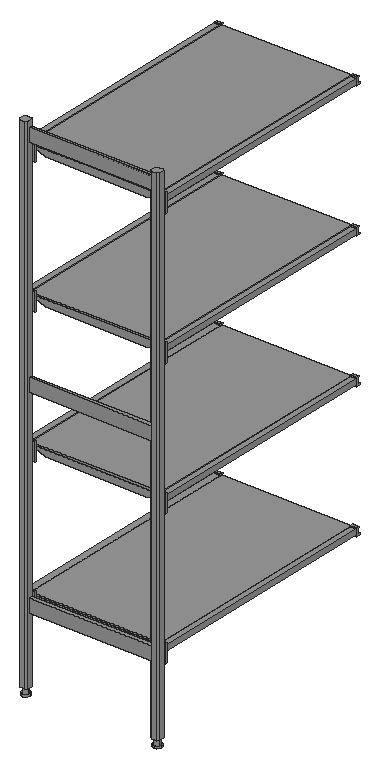
Revit family "QF_ELECTROLUXPROFESSIONAL_137071_CLS830", category Attrezzature speciali, Revit 2020
Family settings
  Quota connettore circolare = Usa diametro
  Tipo di parte = Normale
  Basato su piano di lavoro = No
  Sempre verticale = Sì
  Taglio con vuoti quando caricato = No
  Condiviso = No
  Punto di calcolo locali = No
Parameters (values of type "Standard")
  Weight = 16.00 kg
  Watts = 0 W
  Volts = 0 V
  URL Manufacturer = "https://www.electroluxprofessional.com/"
  URL = "https://www.electroluxprofessional.com/"
  Steam Supply Size = 0 mm
  Steam Supply Minimum Pressure = 0.0 Pa
  Steam Supply Maximum Pressure = 0.0 Pa
  Steam Consumption per Hour = 0
  Refrigeration Suction Line Size = 0.0 mm
  Refrigeration Liquid Line Size = 0.0 mm
  Refrigerant Compressor Remote = yes
  Prospetto di default = 0.0 mm
  Phase = 0
  Modello = "CLS830"
  Produttore = "Electrolux Professional"
  Length Actual = 834.0 mm  # constant formula
  Item Number = "137071"
  Hot Water Size = 0 mm
  Height Actual = 1700.0 mm  # constant formula
  HP = "0 HP"
  Gas Size = 0 mm
  Gas KW = 0
  Gas Input Pressure = 0 W
  Direct Waste Size = 0 mm
  Descrizione = "ALUM.CORNER SHELV.-POLY.TIERS-475X834MM"
  Depth Actual = 475.0 mm  # constant formula
  Cycle = 0 Hz
  Condensate Return Size = 0 mm
  Compressed Air Volume = 0.0 L/s
  Compressed Air Size = 0 mm
  Compressed Air Pressure = 0.0 Pa
  Cold Water Size = 0 mm
  Accessory = yes
Reference planes
  plane 1: z = 0
  plane 2 "Center (F/B)": y = -163.5
  plane 3 "Front": y = -549.5
  plane 4 "Left": x = -217.5
  plane 5 "Right": x = 257.5
  plane 6 "TOP": z = 1700
  plane 7: y = -517.5
  plane 8: y = 280.5
  plane 9 "Center (Left/Right)": x = 20
  plane 10: y = 275.5
  plane 11: x = -186
  plane 12: x = 226
  plane 13 "FEET": z = 25
  plane 14: z = 275
  plane 15: z = 725
  plane 16: z = 1175
  plane 17: z = 1625
  plane 18 "CXLeft": y = -535.5
  plane 19: x = -200
  plane 20 "CYBack": x = -200
  plane 21 "CYFront": x = 138
  plane 22 "Back": y = 284.5
  plane 23 "LEFT_ORIGIN": x = -251.5
  plane 24 "BACK_Origin": y = 759.5
Forms (mm)
  Extrusion 1, solid, material "QF_Aluminum"
    sketch origin (0, -549.5, 0) x (-1, 0, 0) y (0, 0, 1)
      loop
        line (198.5, 1650.994) -> (198.5, 1632.998) -> (217.5, 1632.998) -> (217.5, 1650.994) -> (198.5, 1650.994)
      loop
        line (-238.5, 1650.994) -> (-257.5, 1650.994) -> (-257.5, 1632.998) -> (-238.5, 1632.998) -> (-238.5, 1650.994)
      loop
        line (198.5, 1200.994) -> (198.5, 1182.998) -> (217.5, 1182.998) -> (217.5, 1200.994) -> (198.5, 1200.994)
      loop
        line (-238.522, 1200.994) -> (-257.5, 1200.994) -> (-257.5, 1182.998) -> (-238.522, 1182.998) -> (-238.522, 1200.994)
      loop
        line (198.5, 750.994) -> (198.5, 732.998) -> (217.5, 732.998) -> (217.5, 750.994) -> (198.5, 750.994)
      loop
        line (-238.522, 750.994) -> (-257.5, 750.994) -> (-257.5, 732.998) -> (-238.522, 732.998) -> (-238.522, 750.994)
      loop
        line (198.5, 300.994) -> (198.5, 282.998) -> (217.5, 282.998) -> (217.5, 300.994) -> (198.5, 300.994)
      loop
        line (-238.522, 300.994) -> (-257.5, 300.994) -> (-257.5, 282.998) -> (-238.522, 282.998) -> (-238.522, 300.994)
    from 32 to 830
  Extrusion 2, solid, material "QF_Polyethylene"
    sketch origin (0, -549.5, 0) x (-1, 0, 0) y (0, 0, 1)
      loop
        line (196.507, 1650.994) -> (-236.522, 1650.994) -> (-236.522, 1644.496) -> (196.507, 1644.496) -> (196.507, 1650.994)
      loop
        line (196.507, 1200.994) -> (-236.522, 1200.994) -> (-236.522, 1194.496) -> (196.507, 1194.496) -> (196.507, 1200.994)
      loop
        line (196.507, 750.994) -> (-236.522, 750.994) -> (-236.522, 744.496) -> (196.507, 744.496) -> (196.507, 750.994)
      loop
        line (196.507, 300.994) -> (-236.522, 300.994) -> (-236.522, 294.496) -> (196.507, 294.496) -> (196.507, 300.994)
    from 32 to 830
Lines and regions (mm)
  symbolic lines
    curve 1: line (-198.5, 280.5, 1700) -> (-198.5, -517.5, 1700)
    curve 2: line (-217.5, -521.5, 1700) -> (-217.5, 280.5, 1700)
    curve 3: line (257.5, -521.5, 1700) -> (257.5, 280.5, 1700)
    curve 4: line (-181.507, -517.5, 1700) -> (221.507, -517.5, 1700)
    curve 5: line (238.522, -517.5, 1700) -> (238.522, 280.5, 1700)
    curve 6: line (-198.5, 280.5, 1700) -> (238.522, 280.5, 1700)
Dimensions and locks
  plane 3 "Front" to plane 2 "Center (F/B)" = 386.0 mm
  locked: plane 6 "TOP" to level at 1700
  locked: plane 4 "Left" to plane 5 "Right" at 475
  locked: plane 7 to plane 8 at 798
  locked: plane 3 "Front" to plane 7 at 32
  plane 10 to plane 8 = 5.0 mm
  locked: plane 11 to plane 12 at 412
  equal spacing: plane 11, plane 9 "Center (Left/Right)", plane 12
  equal spacing: plane 4 "Left", plane 9 "Center (Left/Right)", plane 5 "Right"
  plane 13 "FEET" to level = 25.0 mm
  plane 6 "TOP" to plane 13 "FEET" = 1675.0 mm
  plane 14 to plane 13 "FEET" = 250.0 mm
  plane 15 to plane 14 = 450.0 mm
  plane 16 to plane 15 = 450.0 mm
  plane 17 to plane 16 = 450.0 mm
  locked: plane 3 "Front" to plane 18 "CXLeft" at 14
  locked: plane 3 "Front" to plane 22 "Back" at 834
  plane 23 "LEFT_ORIGIN" to plane 5 "Right" = 509.0 mm
  locked: plane 22 "Back" to plane 24 "BACK_Origin" at 475
  aligned and locked: level to plane 1
  aligned and locked: Extrusion 2 to plane 7
  aligned and locked: plane 8 to Extrusion 2
  aligned and locked: Extrusion 1 to plane 7
  aligned and locked: plane 8 to Extrusion 1
  aligned and locked: Extrusion 1 sketch curve to Extrusion 1 sketch curve  (x2)
  aligned and locked: plane 18 "CXLeft" to nested 1
  aligned and locked: nested 2 to plane 10
Automatic sketch dimensions
  curve 2 to plane 4 "Left" = 0.0 mm
  curve 3 to plane 5 "Right" = 0.0 mm
  plane 7 to curve 1 = 0.0 mm
  plane 7 to curve 4 = 0.0 mm
  plane 7 to curve 5 = 0.0 mm
  plane 8 to curve 2 = 0.0 mm
  plane 8 to curve 1 = 0.0 mm
  plane 8 to curve 3 = 0.0 mm
  curve 5 to plane 21 "CYFront" = 100.522 mm
  plane 19 to curve 6 = 1.5 mm
  plane 7 to curve 3 = 4.0 mm
  plane 7 to curve 2 = 4.0 mm
  plane 12 to curve 4 = 4.493 mm
  curve 4 to plane 11 = 4.493 mm
  plane 5 "Right" to Extrusion 1 sketch curve = 0.0 mm  (x4)
  plane 4 "Left" to Extrusion 1 sketch curve = 0.0 mm  (x4)
  Extrusion 1 sketch curve to plane 21 "CYFront" = 100.522 mm
  Extrusion 1 sketch curve to plane 21 "CYFront" = 100.5 mm
  plane 19 to Extrusion 1 sketch curve = 1.5 mm  (x4)
  plane 14 to Extrusion 1 sketch curve = 7.998 mm  (x2)
  Extrusion 1 sketch curve to Extrusion 1 sketch curve = 17.997 mm  (x8)
  plane 15 to Extrusion 1 sketch curve = 7.998 mm  (x2)
  plane 16 to Extrusion 1 sketch curve = 7.998 mm  (x2)
  plane 17 to Extrusion 1 sketch curve = 7.998 mm  (x2)
  Extrusion 2 sketch curve to plane 21 "CYFront" = 98.522 mm  (x4)
  plane 19 to Extrusion 2 sketch curve = 3.493 mm  (x4)
  plane 14 to Extrusion 2 sketch curve = 19.496 mm
  Extrusion 2 sketch curve to Extrusion 2 sketch curve = 6.499 mm  (x4)
  plane 15 to Extrusion 2 sketch curve = 19.496 mm
  plane 16 to Extrusion 2 sketch curve = 19.496 mm
  plane 17 to Extrusion 2 sketch curve = 19.496 mm
Nested families
  nested 1: "WT_Anta475" at (-194.5, -132.5, 0) x (0, 1, 0) z (0, 0, 1), type "WT_Anta475"
  nested 2: "WT_Aggancio475" at (-194.5, 692.5, 0) x (0, 1, 0) z (0, 0, 1), type "WT_Aggancio475"
Definition of nested family "WT_Anta475"
  Parameters
    WidthLeft = A + 64.0 mm  # 772.0 mm
    Width = 1606.0 mm
    Right = WidthLeft / 2  # 386.0 mm
    Default Elevation = 0.0 mm
    Left = -WidthLeft / 2  # -386.0 mm
    Height = 1725.0 mm
    FEET = 25.0 mm
    E = 0.0 mm
    Dint = Depth - 63.0 mm  # 412.0 mm
    Dext = Depth - 8.0 mm  # 467.0 mm
    Depth = 475.0 mm
    DX = (WidthLeft - A) / 2  # 32.0 mm
    B = 798.0 mm
    A = 708.0 mm
  Reference planes
    plane 1: z = 0
    plane 2 "LEFT": x = -417
    plane 3 "BACK": y = 23
    plane 4 "FRONT": y = -452
    plane 5 "TOP": z = 1725
    plane 6 "Center (Front/Back)": y = -214.5
    plane 7: y = -8.5
    plane 8: y = -420.5
    plane 9 "FEET": z = 25
    plane 10: z = 275
    plane 11: z = 725
    plane 12: z = 1175
    plane 13: z = 1625
    plane 14 "CXLeft": x = -403
    plane 15: y = 5.5
    plane 16 "CYBack": y = 5.5
    plane 17 "CYFront": y = -434.5
    plane 18: x = -385.031
    plane 19: x = -380.031
  Forms (mm)
    Extrusion 1, solid
      sketch origin (0, 0, 0) x (1, 0, 0) y (0, 1, 0)
        loop
          line (-417, 13.246) -> (-417, -2.246) -> (-410.746, -8.5) -> (-395.254, -8.5) -> (-389, -2.246) -> (-389, 13.246) -> (-395.254, 19.5) -> (-410.746, 19.5) -> (-417, 13.246)
      from 1725 to 25
    Extrusion 2, solid
      sketch origin (-417, 0, 0) x (0, 1, 0) y (0, 0, 1)
        loop
          line (23, 246.005) -> (23, 307.993) -> (-12.993, 307.993) -> (-12.993, 246.005) -> (23, 246.005)
        loop
          line (-452, 246.005) -> (-416.007, 246.005) -> (-416.007, 307.993) -> (-452, 307.993) -> (-452, 246.005)
        loop
          line (23, 696.005) -> (23, 757.993) -> (-12.993, 757.993) -> (-12.993, 696.005) -> (23, 696.005)
        loop
          line (-452, 696.005) -> (-416.007, 696.005) -> (-416.007, 757.993) -> (-452, 757.993) -> (-452, 696.005)
        loop
          line (23, 1146.005) -> (23, 1207.993) -> (-12.993, 1207.993) -> (-12.993, 1146.005) -> (23, 1146.005)
        loop
          line (-452, 1146.005) -> (-416.007, 1146.005) -> (-416.007, 1207.993) -> (-452, 1207.993) -> (-452, 1146.005)
        loop
          line (23, 1596.005) -> (23, 1657.993) -> (-12.993, 1657.993) -> (-12.993, 1596.005) -> (23, 1596.005)
        loop
          line (-452, 1596.005) -> (-416.007, 1596.005) -> (-416.007, 1657.993) -> (-452, 1657.993) -> (-452, 1596.005)
      from 28 to 32
    Revolve 3, solid
      sketch origin (-403, 0, 0) x (0, 1, 0) y (0, 0, 1)
        loop
          line (5.5, 25) -> (5.5, 0) -> (19, 0) -> (19, 5) -> (14, 5) -> (14, 25) -> (5.5, 25)
        axis (5.5, 25) -> (5.5, 0)
      angle from 0 to 360
    Extrusion 4, solid
      sketch origin (-403, 0, 0) x (0, 1, 0) y (0, 0, 1)
        loop
          line (-8.5, 912.382) -> (-8.5, 957.374) -> (-420.5, 957.374) -> (-420.5, 912.382) -> (-8.5, 912.382)
        loop
          line (-8.5, 1662.244) -> (-8.5, 1707.236) -> (-420.5, 1707.236) -> (-420.5, 1662.244) -> (-8.5, 1662.244)
      from -5 to 5
    Revolve 5, solid
      sketch origin (-403, -627, 0) x (0, -1, 0) y (0, 0, 1)
        loop
          line (-192.5, 25) -> (-192.5, 0) -> (-179, 0) -> (-179, 5) -> (-184, 5) -> (-184, 25) -> (-192.5, 25)
        axis (-192.5, 25) -> (-192.5, 0)
      angle from 0 to 360
    Extrusion 6, solid
      sketch origin (0, -627, 0) x (1, 0, 0) y (0, 1, 0)
        loop
          line (-417, 184.754) -> (-410.746, 178.5) -> (-395.254, 178.5) -> (-389, 184.754) -> (-389, 200.246) -> (-395.254, 206.5) -> (-410.746, 206.5) -> (-417, 200.246) -> (-417, 184.754)
      from 1725 to 25
    Extrusion 7, solid
      sketch origin (-417.031, -0.022, 0) x (0, 1, 0) y (0, 0, -1)
        loop
          line (-12, -1632.998) -> (-46, -1620.994) -> (-383, -1620.994) -> (-417, -1632.998) -> (-433, -1632.998) -> (-433, -1650.994) -> (-431, -1650.994) -> (-431, -1644.496) -> (2.007, -1644.496) -> (2.007, -1650.994) -> (4, -1650.994) -> (4, -1632.998) -> (-12, -1632.998)
        loop
          line (-12, -1182.998) -> (-46, -1170.994) -> (-383, -1170.994) -> (-417, -1182.998) -> (-433, -1182.998) -> (-433, -1200.994) -> (-431, -1200.994) -> (-431, -1194.496) -> (2.007, -1194.496) -> (2.007, -1200.994) -> (4, -1200.994) -> (4, -1182.998) -> (-12, -1182.998)
        loop
          line (-12, -732.998) -> (-46, -720.994) -> (-383, -720.994) -> (-417, -732.998) -> (-433, -732.998) -> (-433, -750.994) -> (-431, -750.994) -> (-431, -744.496) -> (2.007, -744.496) -> (2.007, -750.994) -> (4, -750.994) -> (4, -732.998) -> (-12, -732.998)
        loop
          line (-12, -282.998) -> (-46, -270.994) -> (-383, -270.994) -> (-417, -282.998) -> (-433, -282.998) -> (-433, -300.994) -> (-431, -300.994) -> (-431, -294.496) -> (2.007, -294.496) -> (2.007, -300.994) -> (4, -300.994) -> (4, -282.998) -> (-12, -282.998)
      from -32 to -37
    Extrusion 8, solid
      sketch origin (-403, 0, -659.878) x (0, 1, 0) y (0, 0, 1)
        loop
          line (-8.5, 912.382) -> (-8.5, 957.374) -> (-420.5, 957.374) -> (-420.5, 912.382) -> (-8.5, 912.382)
        loop
          line (-8.5, 1572.382) -> (-8.5, 1617.374) -> (-420.5, 1617.374) -> (-420.5, 1572.382) -> (-8.5, 1572.382)
        loop
          line (-8.5, 2322.382) -> (-8.5, 2367.374) -> (-420.5, 2367.374) -> (-420.5, 2322.382) -> (-8.5, 2322.382)
      from -5 to 5
  Lines and regions (mm)
    symbolic lines
      curve 1: line (-408, -8.5, 1725) -> (-408, -420.5, 1725)
      curve 2: line (-398, -420.5, 1725) -> (-398, -8.5, 1725)
      curve 3: line (-395.254, -8.5, 1725) -> (-410.746, -8.5, 1725)
      curve 4: line (-417, -2.246, 1725) -> (-410.746, -8.5, 1725)
      curve 5: line (-417, 13.246, 1725) -> (-417, -2.246, 1725)
      curve 6: line (-410.746, 19.5, 1725) -> (-417, 13.246, 1725)
      curve 7: line (-395.254, 19.5, 1725) -> (-410.746, 19.5, 1725)
      curve 8: line (-389, 13.246, 1725) -> (-395.254, 19.5, 1725)
      curve 9: line (-395.254, -8.5, 1725) -> (-389, -2.246, 1725)
      curve 10: line (-395.254, -420.5, 1725) -> (-410.746, -420.5, 1725)
      curve 11: line (-417, -426.754, 1725) -> (-410.746, -420.5, 1725)
      curve 12: line (-410.746, -448.5, 1725) -> (-417, -442.246, 1725)
      curve 13: line (-395.254, -448.5, 1725) -> (-410.746, -448.5, 1725)
      curve 14: line (-389, -442.246, 1725) -> (-395.254, -448.5, 1725)
      curve 15: line (-395.254, -420.5, 1725) -> (-389, -426.754, 1725)
      curve 16: line (-389, -452, 1725) -> (-389, -416.007, 1725)
      curve 17: line (-389, -416.007, 1725) -> (-385, -416.007, 1725)
      curve 18: line (-389, 23, 1725) -> (-389, -12.993, 1725)
      curve 19: line (-389, -12.993, 1725) -> (-385, -12.993, 1725)
      curve 20: line (-417, -426.754, 1725) -> (-417, -442.246, 1725)
      curve 21: line (-385, -452, 1725) -> (-385, -416.007, 1725)
      curve 22: line (-385, -452, 1725) -> (-389, -452, 1725)
      curve 23: line (-385, 23, 1725) -> (-389, 23, 1725)
      curve 24: line (-385, -12.993, 1725) -> (-385, 23, 1725)
      curve 25: line (-385.031, -13.016, 1725) -> (-385.031, -416.029, 1725)
  Dimensions and locks
    "Height": plane 5 "TOP" to level
    "Depth": plane 3 "BACK" to plane 4 "FRONT"
    "Dint": plane 7 to plane 8
    equal spacing: plane 7, plane 6 "Center (Front/Back)", plane 8
    equal spacing: plane 3 "BACK", plane 6 "Center (Front/Back)", plane 4 "FRONT"
    plane 9 "FEET" to level = 25.0 mm
    plane 5 "TOP" to plane 9 "FEET" = 1700.0 mm
    plane 10 to plane 9 "FEET" = 250.0 mm
    plane 11 to plane 10 = 450.0 mm
    plane 12 to plane 11 = 450.0 mm
    plane 13 to plane 12 = 450.0 mm
    locked: plane 2 "LEFT" to plane 14 "CXLeft" at 14
    locked: plane 3 "BACK" to plane 16 "CYBack" at 17.5
    locked: plane 17 "CYFront" to plane 4 "FRONT" at 17.5
    locked: Revolve 3 sketch curve to Revolve 3 sketch curve at 8.5
    locked: Revolve 3 sketch curve to plane 16 "CYBack" at 13.5
    locked: Revolve 5 sketch curve to Revolve 5 sketch curve at 8.5
    aligned and locked: level to plane 1
    aligned and locked: curve 20 to Extrusion 6
    aligned and locked: plane 5 "TOP" to Extrusion 1
    aligned and locked: plane 5 "TOP" to Extrusion 6
    aligned and locked: Extrusion 7 sketch curve to Extrusion 7 sketch curve  (x3)
  Automatic sketch dimensions
    curve 16 to plane 4 "FRONT" = 0.0 mm
    curve 11 to plane 8 = 0.0 mm
    curve 9 to plane 7 = 0.0 mm
    curve 5 to plane 2 "LEFT" = 0.0 mm
    curve 23 to plane 3 "BACK" = 0.0 mm
    plane 4 "FRONT" to curve 13 = 3.5 mm
    curve 20 to plane 17 "CYFront" = 7.746 mm
    curve 20 to plane 8 = 6.254 mm
    plane 8 to curve 16 = 4.493 mm
    curve 24 to plane 18 = 0.031 mm
    curve 24 to plane 7 = 4.493 mm
    plane 7 to curve 5 = 6.254 mm
    curve 5 to plane 15 = 7.746 mm
    curve 6 to plane 3 "BACK" = 3.5 mm
    curve 21 to plane 18 = 0.031 mm
    plane 18 to curve 23 = 3.969 mm
    plane 18 to curve 16 = 3.969 mm
    curve 18 to curve 8 = 6.254 mm
    curve 18 to curve 3 = 6.254 mm
    curve 16 to curve 13 = 6.254 mm
    curve 16 to curve 15 = 6.254 mm
    plane 2 "LEFT" to curve 10 = 6.254 mm
    plane 2 "LEFT" to curve 7 = 6.254 mm
    plane 2 "LEFT" to curve 12 = 6.254 mm
    plane 2 "LEFT" to curve 3 = 6.254 mm
    curve 14 to plane 17 "CYFront" = 7.746 mm
    curve 15 to plane 8 = 6.254 mm
    plane 7 to curve 9 = 6.254 mm
    curve 8 to plane 15 = 7.746 mm
    curve 3 to curve 2 = 2.746 mm
    curve 1 to curve 10 = 2.746 mm
    Extrusion 1 sketch curve to plane 2 "LEFT" = 0.0 mm
    Extrusion 1 sketch curve to plane 7 = 0.0 mm
    plane 2 "LEFT" to Extrusion 1 sketch curve = 6.254 mm  (x2)
    plane 14 "CXLeft" to Extrusion 1 sketch curve = 7.746 mm  (x2)
    Extrusion 1 sketch curve to plane 3 "BACK" = 3.5 mm
    plane 18 to Extrusion 1 sketch curve = 3.969 mm
    plane 7 to Extrusion 1 sketch curve = 6.254 mm  (x2)
    Extrusion 1 sketch curve to plane 15 = 7.746 mm  (x2)
    Extrusion 2 sketch curve to plane 4 "FRONT" = 0.0 mm  (x4)
    Extrusion 2 sketch curve to plane 3 "BACK" = 0.0 mm  (x4)
    plane 8 to Extrusion 2 sketch curve = 4.493 mm  (x4)
    Extrusion 2 sketch curve to plane 7 = 4.493 mm  (x4)
    Extrusion 2 sketch curve to plane 10 = 28.995 mm  (x2)
    plane 10 to Extrusion 2 sketch curve = 32.993 mm  (x2)
    Extrusion 2 sketch curve to plane 11 = 28.995 mm  (x2)
    plane 11 to Extrusion 2 sketch curve = 32.993 mm  (x2)
    Extrusion 2 sketch curve to plane 12 = 28.995 mm  (x2)
    plane 12 to Extrusion 2 sketch curve = 32.993 mm  (x2)
    Extrusion 2 sketch curve to plane 13 = 28.995 mm  (x2)
    plane 13 to Extrusion 2 sketch curve = 32.993 mm  (x2)
    Revolve 3 sketch curve to plane 9 "FEET" = 0.0 mm  (x2)
    Revolve 3 sketch curve to plane 15 = 0.0 mm  (x2)
    Revolve 3 sketch curve to level = 0.0 mm
    level to Revolve 3 sketch curve = 5.0 mm
    Revolve 3 sketch curve to Revolve 3 sketch curve = 11.655 mm
    Extrusion 4 sketch curve to plane 8 = 0.0 mm  (x2)
    Extrusion 4 sketch curve to plane 7 = 0.0 mm  (x2)
    plane 11 to Extrusion 4 sketch curve = 187.382 mm
    Extrusion 4 sketch curve to Extrusion 4 sketch curve = 44.992 mm
    plane 13 to Extrusion 4 sketch curve = 37.244 mm
    Extrusion 4 sketch curve to plane 5 "TOP" = 17.764 mm
    Revolve 5 sketch curve to plane 9 "FEET" = 0.0 mm  (x2)
    Revolve 5 sketch curve to plane 17 "CYFront" = 0.0 mm  (x2)
    Revolve 5 sketch curve to level = 0.0 mm
    Revolve 5 sketch curve to plane 4 "FRONT" = 4.0 mm
    Revolve 5 sketch curve to Revolve 5 sketch curve = 5.0 mm
    level to Revolve 5 sketch curve = 11.655 mm
    Extrusion 6 sketch curve to plane 2 "LEFT" = 0.0 mm
    Extrusion 6 sketch curve to plane 8 = 0.0 mm
    Extrusion 6 sketch curve to plane 2 "LEFT" = 6.254 mm  (x2)
    Extrusion 6 sketch curve to plane 14 "CXLeft" = 7.746 mm  (x2)
    Extrusion 6 sketch curve to plane 4 "FRONT" = 3.5 mm
    Extrusion 6 sketch curve to plane 18 = 3.969 mm
    plane 8 to Extrusion 6 sketch curve = 6.254 mm  (x2)
    plane 17 "CYFront" to Extrusion 6 sketch curve = 7.746 mm  (x2)
    plane 17 "CYFront" to Extrusion 7 sketch curve = 1.478 mm  (x4)
    Extrusion 7 sketch curve to Extrusion 7 sketch curve = 2.0 mm
    plane 8 to Extrusion 7 sketch curve = 3.478 mm  (x4)
    Extrusion 7 sketch curve to plane 10 = 4.006 mm
    Extrusion 7 sketch curve to Extrusion 7 sketch curve = 34.0 mm  (x4)
    Extrusion 7 sketch curve to plane 11 = 4.006 mm
    Extrusion 7 sketch curve to plane 12 = 4.006 mm
    Extrusion 7 sketch curve to plane 13 = 4.006 mm
    Extrusion 7 sketch curve to plane 7 = 37.522 mm  (x4)
    Extrusion 7 sketch curve to plane 7 = 3.522 mm  (x4)
    plane 15 to Extrusion 7 sketch curve = 3.516 mm  (x4)
    plane 15 to Extrusion 7 sketch curve = 1.522 mm  (x4)
    plane 13 to Extrusion 7 sketch curve = 7.998 mm  (x2)
    Extrusion 7 sketch curve to Extrusion 7 sketch curve = 11.498 mm
    Extrusion 7 sketch curve to Extrusion 7 sketch curve = 6.499 mm  (x5)
    plane 12 to Extrusion 7 sketch curve = 25.994 mm  (x2)
    plane 12 to Extrusion 7 sketch curve = 7.998 mm  (x2)
    plane 11 to Extrusion 7 sketch curve = 25.994 mm  (x2)
    plane 11 to Extrusion 7 sketch curve = 7.998 mm  (x2)
    plane 10 to Extrusion 7 sketch curve = 25.994 mm  (x2)
    plane 10 to Extrusion 7 sketch curve = 7.998 mm  (x2)
    curve 25 to plane 18 = 0.0 mm
    plane 8 to curve 25 = 4.471 mm
    curve 25 to plane 7 = 4.516 mm
    Extrusion 8 sketch curve to plane 8 = 0.0 mm  (x3)
    Extrusion 8 sketch curve to plane 7 = 0.0 mm  (x3)
    Extrusion 8 sketch curve to plane 10 = 22.496 mm
    plane 10 to Extrusion 8 sketch curve = 22.496 mm
    plane 11 to Extrusion 8 sketch curve = 187.504 mm
    Extrusion 8 sketch curve to Extrusion 8 sketch curve = 44.992 mm
    plane 13 to Extrusion 8 sketch curve = 37.504 mm
    Extrusion 8 sketch curve to plane 5 "TOP" = 17.504 mm
Definition of nested family "WT_Aggancio475"
  Parameters
    WidthLeft = A + 64.0 mm  # 772.0 mm
    Width = 1606.0 mm
    Right = WidthLeft / 2  # 386.0 mm
    Default Elevation = 0.0 mm
    Left = -WidthLeft / 2  # -386.0 mm
    Height = 1725.0 mm
    FEET = 25.0 mm
    E = 0.0 mm
    Dint = Depth - 63.0 mm  # 412.0 mm
    Dext = Depth - 8.0 mm  # 467.0 mm
    Depth = 475.0 mm
    DX = (WidthLeft - A) / 2  # 32.0 mm
    B = 798.0 mm
    A = 708.0 mm
  Reference planes
    plane 1: z = 0
    plane 2 "LEFT": x = -417
    plane 3 "BACK": y = 23
    plane 4 "FRONT": y = -452
    plane 5 "TOP": z = 1725
    plane 6 "Center (Front/Back)": y = -214.5
    plane 7: y = -8.5
    plane 8: y = -420.5
    plane 9 "FEET": z = 25
    plane 10: z = 275
    plane 11: z = 725
    plane 12: z = 1175
    plane 13: z = 1625
    plane 14: y = 5.5
    plane 15 "CYBack": y = 5.5
    plane 16 "CYFront": y = -434.5
  Forms (mm)
    Extrusion 1, solid
      sketch origin (-380, -0.022, 0) x (0, 1, 0) y (0, 0, 1)
        loop
          line (-12, 1632.998) -> (4, 1632.998) -> (4, 1650.994) -> (2.007, 1650.994) -> (2.007, 1644.496) -> (-431, 1644.496) -> (-431, 1650.994) -> (-433, 1650.994) -> (-433, 1632.998) -> (-417, 1632.998) -> (-383, 1620.994) -> (-46, 1620.994) -> (-12, 1632.998)
        loop
          line (-12, 1182.998) -> (4, 1182.998) -> (4, 1200.994) -> (2.007, 1200.994) -> (2.007, 1194.496) -> (-431, 1194.496) -> (-431, 1200.994) -> (-433, 1200.994) -> (-433, 1182.998) -> (-417, 1182.998) -> (-383, 1170.994) -> (-46, 1170.994) -> (-12, 1182.998)
        loop
          line (-12, 732.998) -> (4, 732.998) -> (4, 750.994) -> (2.007, 750.994) -> (2.007, 744.496) -> (-431, 744.496) -> (-431, 750.994) -> (-433, 750.994) -> (-433, 732.998) -> (-417, 732.998) -> (-383, 720.994) -> (-46, 720.994) -> (-12, 732.998)
        loop
          line (-12, 282.998) -> (4, 282.998) -> (4, 300.994) -> (2.007, 300.994) -> (2.007, 294.496) -> (-431, 294.496) -> (-431, 300.994) -> (-433, 300.994) -> (-433, 282.998) -> (-417, 282.998) -> (-383, 270.994) -> (-46, 270.994) -> (-12, 282.998)
      from -32 to -37
    Extrusion 2, solid
      sketch origin (-793.062, -324.754, 6.5) x (1, 0, 0) y (0, 0, 1)
        loop
          line (385.062, 1644.496) -> (385.062, 1647.496) -> (376.062, 1647.496) -> (376.062, 1620.994) -> (390.031, 1620.994) -> (390.031, 1626.496) -> (381.062, 1626.496) -> (381.062, 1644.496) -> (385.062, 1644.496)
        loop
          line (385.062, 1194.496) -> (385.062, 1197.496) -> (376.062, 1197.496) -> (376.062, 1170.994) -> (390.031, 1170.994) -> (390.031, 1176.496) -> (381.062, 1176.496) -> (381.062, 1194.496) -> (385.062, 1194.496)
        loop
          line (385.062, 744.496) -> (385.062, 747.496) -> (376.062, 747.496) -> (376.062, 720.994) -> (390.031, 720.994) -> (390.031, 726.496) -> (381.062, 726.496) -> (381.062, 744.496) -> (385.062, 744.496)
        loop
          line (385.062, 294.496) -> (385.062, 297.496) -> (376.062, 297.496) -> (376.062, 270.994) -> (390.031, 270.994) -> (390.031, 276.496) -> (381.062, 276.496) -> (381.062, 294.496) -> (385.062, 294.496)
      from 108.268 to 127.246
    Extrusion 3, solid
      sketch origin (-793.062, 32.754, 6.5) x (1, 0, 0) y (0, 0, 1)
        loop
          line (385.062, 1644.496) -> (385.062, 1647.496) -> (376.062, 1647.496) -> (376.062, 1620.994) -> (390.031, 1620.994) -> (390.031, 1626.496) -> (381.062, 1626.496) -> (381.062, 1644.496) -> (385.062, 1644.496)
        loop
          line (385.062, 1194.496) -> (385.062, 1197.496) -> (376.062, 1197.496) -> (376.062, 1170.994) -> (390.031, 1170.994) -> (390.031, 1176.496) -> (381.062, 1176.496) -> (381.062, 1194.496) -> (385.062, 1194.496)
        loop
          line (385.062, 744.496) -> (385.062, 747.496) -> (376.062, 747.496) -> (376.062, 720.994) -> (390.031, 720.994) -> (390.031, 726.496) -> (381.062, 726.496) -> (381.062, 744.496) -> (385.062, 744.496)
        loop
          line (385.062, 294.496) -> (385.062, 297.496) -> (376.062, 297.496) -> (376.062, 270.994) -> (390.031, 270.994) -> (390.031, 276.496) -> (381.062, 276.496) -> (381.062, 294.496) -> (385.062, 294.496)
      from 9.754 to 28.776
  Lines and regions (mm)
    symbolic lines
      curve 1: line (-412, -452, 0) -> (-408, -452, 0)
      curve 2: line (-412, -433.022, 0) -> (-412, -452, 0)
      curve 3: line (-408, -433.022, 0) -> (-412, -433.022, 0)
      curve 4: line (-408, -452, 0) -> (-408, -433.022, 0)
      curve 5: line (-412, 3.978, 0) -> (-408, 3.978, 0)
      curve 6: line (-412, 23, 0) -> (-412, 3.978, 0)
      curve 7: line (-408, 23, 0) -> (-412, 23, 0)
      curve 8: line (-408, 3.978, 0) -> (-408, 23, 0)
  Dimensions and locks
    "Height": plane 5 "TOP" to level
    "Depth": plane 3 "BACK" to plane 4 "FRONT"
    "Dint": plane 7 to plane 8
    equal spacing: plane 7, plane 6 "Center (Front/Back)", plane 8
    equal spacing: plane 3 "BACK", plane 6 "Center (Front/Back)", plane 4 "FRONT"
    plane 9 "FEET" to level = 25.0 mm
    plane 5 "TOP" to plane 9 "FEET" = 1700.0 mm
    plane 10 to plane 9 "FEET" = 250.0 mm
    plane 11 to plane 10 = 450.0 mm
    plane 12 to plane 11 = 450.0 mm
    plane 13 to plane 12 = 450.0 mm
    locked: plane 3 "BACK" to plane 15 "CYBack" at 17.5
    locked: plane 16 "CYFront" to plane 4 "FRONT" at 17.5
    aligned and locked: level to plane 1
    aligned and locked: Extrusion 1 sketch curve to Extrusion 1 sketch curve  (x3)
  Automatic sketch dimensions
    plane 16 "CYFront" to Extrusion 1 sketch curve = 1.478 mm  (x4)
    Extrusion 1 sketch curve to Extrusion 1 sketch curve = 2.0 mm
    plane 8 to Extrusion 1 sketch curve = 3.478 mm  (x4)
    Extrusion 1 sketch curve to plane 10 = 4.006 mm
    Extrusion 1 sketch curve to Extrusion 1 sketch curve = 34.0 mm  (x4)
    Extrusion 1 sketch curve to plane 11 = 4.006 mm
    Extrusion 1 sketch curve to plane 12 = 4.006 mm
    Extrusion 1 sketch curve to plane 13 = 4.006 mm
    Extrusion 1 sketch curve to plane 7 = 37.522 mm  (x4)
    Extrusion 1 sketch curve to plane 7 = 3.522 mm  (x4)
    plane 14 to Extrusion 1 sketch curve = 3.516 mm  (x4)
    plane 14 to Extrusion 1 sketch curve = 1.522 mm  (x4)
    plane 10 to Extrusion 1 sketch curve = 7.998 mm  (x2)
    Extrusion 1 sketch curve to Extrusion 1 sketch curve = 11.498 mm  (x4)
    Extrusion 1 sketch curve to Extrusion 1 sketch curve = 6.499 mm  (x8)
    plane 11 to Extrusion 1 sketch curve = 7.998 mm  (x2)
    plane 12 to Extrusion 1 sketch curve = 7.998 mm  (x2)
    plane 13 to Extrusion 1 sketch curve = 7.998 mm  (x2)
    plane 2 "LEFT" to Extrusion 2 sketch curve = 0.0 mm  (x4)
    plane 13 to Extrusion 2 sketch curve = 7.996 mm
    plane 11 to Extrusion 2 sketch curve = 7.996 mm
    Extrusion 2 sketch curve to Extrusion 2 sketch curve = 5.0 mm  (x4)
    plane 11 to Extrusion 2 sketch curve = 2.494 mm
    plane 10 to Extrusion 2 sketch curve = 28.996 mm
    Extrusion 2 sketch curve to Extrusion 2 sketch curve = 3.0 mm  (x4)
    plane 10 to Extrusion 2 sketch curve = 7.996 mm
    plane 10 to Extrusion 2 sketch curve = 2.494 mm
    Extrusion 2 sketch curve to Extrusion 2 sketch curve = 18.0 mm  (x3)
    plane 12 to Extrusion 2 sketch curve = 2.494 mm
    plane 12 to Extrusion 2 sketch curve = 7.996 mm
    plane 13 to Extrusion 2 sketch curve = 2.494 mm
    plane 2 "LEFT" to Extrusion 3 sketch curve = 0.0 mm  (x4)
    plane 13 to Extrusion 3 sketch curve = 7.996 mm
    plane 11 to Extrusion 3 sketch curve = 7.996 mm
    Extrusion 3 sketch curve to Extrusion 3 sketch curve = 5.0 mm  (x4)
    plane 11 to Extrusion 3 sketch curve = 2.494 mm
    plane 10 to Extrusion 3 sketch curve = 28.996 mm
    Extrusion 3 sketch curve to Extrusion 3 sketch curve = 3.0 mm  (x4)
    plane 10 to Extrusion 3 sketch curve = 7.996 mm
    plane 10 to Extrusion 3 sketch curve = 2.494 mm
    Extrusion 3 sketch curve to Extrusion 3 sketch curve = 18.0 mm  (x3)
    plane 12 to Extrusion 3 sketch curve = 2.494 mm
    plane 12 to Extrusion 3 sketch curve = 7.996 mm
    plane 13 to Extrusion 3 sketch curve = 2.494 mm
    plane 2 "LEFT" to curve 1 = 5.0 mm
    plane 2 "LEFT" to curve 7 = 5.0 mm
    curve 1 to plane 16 "CYFront" = 17.5 mm
    curve 3 to plane 8 = 12.522 mm
    plane 7 to curve 5 = 12.478 mm
    curve 7 to plane 14 = 17.5 mm
    curve 5 to curve 5 = 4.0 mm
    curve 1 to curve 4 = 4.0 mm
    Extrusion 2 sketch curve to Extrusion 2 sketch curve = 4.0 mm  (x4)
    Extrusion 2 sketch curve to Extrusion 2 sketch curve = 8.969 mm  (x4)
    Extrusion 3 sketch curve to Extrusion 3 sketch curve = 4.0 mm  (x4)
    Extrusion 3 sketch curve to Extrusion 3 sketch curve = 8.969 mm  (x4)
